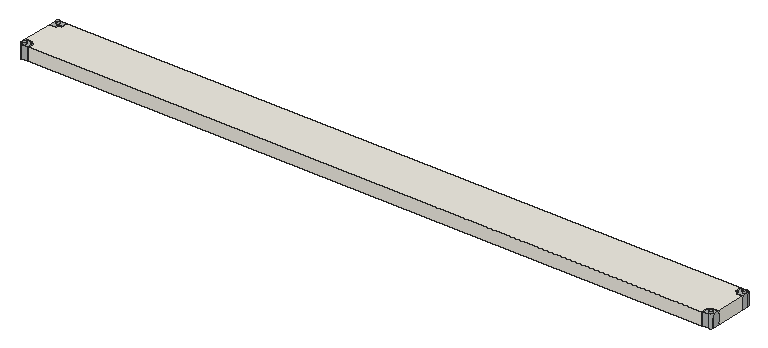
Revit family "HIGHTECH", category Осветительные приборы, Revit 2019 (continued)
Types (32, lengths in mm): name | Файл фотометрической сетки | built-in parameter 1150105 | Lumens | built-in parameter 1150106 | built-in parameter 1150142 | Wattage | Emit from Rectangle Width | Emit from Rectangle Length | Длина | Ширина | ADSK_Ток | ADSK_Полная мощность | ADSK_Обозначение | ADSK_Номинальная мощность | ADSK_Наименование | ADSK_Масса | ADSK_Код изделия
    .059 2.059 1.960 1.862 \r\n1.764 1.667 1.569 1.470 1.470 1.372 1.274 1.177 1.078 0.980 0.882 0.882 0.784 0.687 0.588 0.490 0.392 0.294 0.294 0.196 0.098 0.000 \r\n2755.907 2756.102 2750.516 2742.478 2726.793 2707.875 2684.742 2656.022 2623.674 2585.641 2542.609 2496.833 2448.116 2395.575 2338.624 2279.027 2217.664 2151.205 \r\n2083.275 2012.993 1940.750 1866.351 1789.893 1711.966 1632.273 1550.915 1468.575 1385.060 1298.604 1210.776 1124.908 1038.158 951.211 864.462 777.614 691.942 606.957 523.637 \r\n442.670 364.546 290.147 219.963 152.818 92.435 38.327 3.823 3.725 3.627 3.529 3.431 3.332 3.332 3.234 3.137 3.039 2.941 2.842 2.744 2.744 2.647 2.549 2.450 2.352 2.254 2.157 2.157 2.059 1.960 1.862 \r\n1.764 1.667 1.569 1.470 1.470 1.372 1.274 1.177 1.078 0.980 0.882 0.882 0.784 0.687 0.588 0.490 0.392 0.294 0.294 0.196 0.098 0.000 \r\n2755.907 2756.200 2750.614 2742.771 2727.088 2708.268 2685.330 2656.610 2624.360 2586.327 2543.295 2497.518 2448.899 2396.360 2339.506 2279.909 2218.644 2152.185 \r\n2084.255 2013.974 1941.731 1867.331 1790.873 1712.946 1633.253 1551.895 1469.457 1385.942 1299.486 1211.658 1125.692 1038.844 951.898 865.050 778.201 692.432 607.348 523.931 \r\n442.964 364.743 290.343 220.061 152.916 92.533 38.425 3.823 3.725 3.627 3.529 3.431 3.332 3.332 3.234 3.137 3.039 2.941 2.842 2.744 2.744 2.647 2.549 2.450 2.352 2.254 2.157 2.157 2.059 1.960 1.862 \r\n1.764 1.667 1.569 1.470 1.470 1.372 1.274 1.177 1.078 0.980 0.882 0.882 0.784 0.687 0.588 0.490 0.392 0.294 0.294 0.196 0.098 0.000 \r\n2755.907 2756.299 2750.711 2742.968 2727.382 2708.660 2685.821 2657.100 2624.948 2587.013 2543.982 2498.303 2449.684 2397.242 2340.388 2280.791 2219.624 2153.166 \r\n2085.235 2014.954 1942.711 1868.312 1791.854 1713.926 1634.135 1552.777 1470.437 1386.726 1300.368 1212.442 1126.378 1039.530 952.486 865.638 778.692 692.922 607.740 524.225 \r\n443.259 364.938 290.441 220.159 153.013 92.533 38.425 3.823 3.725 3.627 3.529 3.431 3.332 3.332 3.234 3.137 3.039 2.941 2.842 2.744 2.744 2.647 2.549 2.450 2.352 2.254 2.157 2.157 2.059 1.960 1.862 \r\n1.764 1.667 1.569 1.569 1.470 1.372 1.274 1.177 1.078 0.980 0.882 0.882 0.784 0.687 0.588 0.490 0.392 0.294 0.294 0.196 0.098 0.000 \r\n2755.907 2756.397 2750.907 2743.261 2727.676 2709.052 2686.311 2657.687 2625.635 2587.700 2544.668 2498.989 2450.468 2398.124 2341.271 2281.673 2220.605 2154.047 \r\n2086.215 2015.836 1943.691 1869.292 1792.834 1714.906 1635.115 1553.757 1471.320 1387.608 1301.348 1213.227 1127.163 1040.314 953.173 866.226 779.182 693.314 608.132 524.519 \r\n443.552 365.134 290.637 220.257 153.013 92.632 38.523 3.823 3.725 3.627 3.529 3.431 3.332 3.332 3.234 3.137 3.039 2.941 2.842 2.744 2.744 2.647 2.549 2.450 2.352 2.254 2.157 2.157 2.059 1.960 1.862 \r\n1.764 1.667 1.569 1.569 1.470 1.372 1.274 1.177 1.078 0.980 0.882 0.882 0.784 0.687 0.588 0.490 0.392 0.294 0.294 0.196 0.098 0.000 \r\n2755.907 2756.495 2751.006 2743.556 2727.970 2709.443 2686.899 2658.276 2626.320 2588.484 2545.255 2499.773 2451.252 2399.006 2342.153 2282.556 2221.585 2155.028 \r\n2087.196 2016.816 1944.769 1870.370 1793.814 1715.886 1636.095 1554.639 1472.202 1388.490 1302.231 1214.109 1127.946 1041.000 953.858 866.814 779.672 693.804 608.524 524.912 \r\n443.749 365.330 290.833 220.355 153.111 92.632 38.523 3.823 3.725 3.627 3.529 3.431 3.431 3.332 3.234 3.137 3.039 2.941 2.842 2.744 2.744 2.647 2.549 2.450 2.352 2.254 2.157 2.157 2.059 1.960 1.862 \r\n1.764 1.667 1.569 1.569 1.470 1.372 1.274 1.177 1.078 0.980 0.882 0.882 0.784 0.687 0.588 0.490 0.392 0.294 0.294 0.196 0.098 0.000 \r\n2755.907 2756.592 2751.104 2743.850 2728.264 2709.934 2687.389 2658.864 2627.007 2589.170 2545.942 2500.459 2452.036 2399.790 2343.035 2283.438 2222.565 2156.008 \r\n2088.079 2017.796 1945.750 1871.350 1794.794 1716.867 1637.076 1555.619 1473.182 1389.372 1303.113 1214.892 1128.633 1041.687 954.446 867.402 780.260 694.294 608.917 525.205 \r\n444.042 365.625 291.029 220.453 153.209 92.730 38.621 3.823 3.725 3.627 3.529 3.431 3.431 3.332 3.234 3.137 3.039 2.941 2.842 2.744 2.744 2.647 2.549 2.450 2.352 2.254 2.157 2.157 2.059 1.960 1.862 \r\n1.764 1.667 1.569 1.569 1.470 1.372 1.274 1.177 1.078 0.980 0.882 0.882 0.784 0.687 0.588 0.490 0.392 0.294 0.294 0.196 0.098 0.000 \r\n2755.907 2756.789 2751.201 2744.046 2728.558 2710.326 2687.879 2659.354 2627.693 2589.856 2546.629 2501.244 2452.820 2400.672 2343.917 2284.320 2223.545 2156.890 \r\n2089.059 2018.776 1946.730 1872.330 1795.774 1717.847 1638.056 1556.501 1474.064 1390.255 1304.093 1215.677 1129.417 1042.373 955.133 867.991 780.750 694.686 609.309 525.499 \r\n444.337 365.820 291.128 220.551 153.308 92.730 38.719 3.823 3.725 3.627 3.529 3.431 3.431 3.332 3.234 3.137 3.039 2.941 2.842 2.842 2.744 2.647 2.549 2.450 2.352 2.254 2.157 2.157 2.059 1.960 1.862 \r\n1.764 1.667 1.569 1.569 1.470 1.372 1.274 1.177 1.078 0.980 0.980 0.882 0.784 0.687 0.588 0.490 0.392 0.294 0.294 0.196 0.098 0.000 \r\n2755.907 2756.887 2751.398 2744.340 2728.852 2710.718 2688.466 2659.943 2628.281 2590.542 2547.314 2501.930 2453.605 2401.554 2344.799 2285.201 2224.525 2157.870 \r\n2090.039 2019.756 1947.710 1873.310 1796.853 1718.827 1638.939 1557.481 1474.946 1391.137 1304.975 1216.559 1130.201 1043.157 955.720 868.481 781.240 695.176 609.701 525.794 \r\n444.631 366.016 291.323 220.649 153.406 92.827 38.719 3.823 3.725 3.627 3.529 3.431 3.431 3.332 3.234 3.137 3.039 2.941 2.842 2.842 2.744 2.647 2.549 2.450 2.352 2.254 2.157 2.157 2.059 1.960 1.862 \r\n1.764 1.667 1.569 1.569 1.470 1.372 1.274 1.177 1.078 0.980 0.980 0.882 0.784 0.687 0.588 0.490 0.392 0.294 0.294 0.196 0.098 0.000 \r\n2755.907 2756.985 2751.496 2744.634 2729.244 2711.110 2688.957 2660.531 2628.967 2591.228 2548.001 2502.616 2454.389 2402.339 2345.682 2286.084 2225.506 2158.850 \r\n2091.019 2020.737 1948.690 1874.290 1797.833 1719.807 1639.919 1558.364 1475.926 1392.019 1305.955 1217.343 1130.887 1043.843 956.407 869.069 781.730 695.568 610.093 526.185 \r\n444.827 366.213 291.519 220.747 153.406 92.925 38.817 3.823 3.725 3.627 3.529 3.431 3.431 3.332 3.234 3.137 3.039 2.941 2.842 2.842 2.744 2.647 2.549 2.450 2.352 2.254 2.254 2.157 2.059 1.960 1.862 \r\n1.764 1.667 1.569 1.569 1.470 1.372 1.274 1.177 1.078 0.980 0.980 0.882 0.784 0.687 0.588 0.490 0.392 0.294 0.294 0.196 0.098 0.000 \r\n2755.907 2757.083 2751.594 2744.830 2729.539 2711.502 2689.545 2661.021 2629.654 2591.915 2548.687 2503.401 2455.271 2403.221 2346.564 2286.966 2226.486 2159.733 \r\n2091.999 2021.619 1949.769 1875.369 1798.813 1720.787 1640.899 1559.344 1476.809 1392.804 1306.837 1218.128 1131.672 1044.529 957.093 869.656 782.319 696.058 610.485 526.479 \r\n445.121 366.408 291.618 220.845 153.503 92.925 38.915 3.823 3.725 3.627 3.529 3.529 3.431 3.332 3.234 3.137 3.039 2.941 2.842 2.842 2.744 2.647 2.549 2.450 2.352 2.254 2.254 2.157 2.059 1.960 1.862 \r\n1.764 1.667 1.569 1.569 1.470 1.372 1.274 1.177 1.078 0.980 0.980 0.882 0.784 0.687 0.588 0.490 0.392 0.294 0.294 0.196 0.098 0.000 \r\n2755.907 2757.180 2751.691 2745.124 2729.832 2711.992 2690.035 2661.608 2630.339 2592.601 2549.373 2504.086 2456.055 2404.103 2347.348 2287.848 2227.466 2160.713 \r\n2092.980 2022.599 1950.749 1876.349 1799.793 1721.768 1641.879 1560.226 1477.691 1393.686 1307.720 1219.010 1132.456 1045.215 957.681 870.245 782.809 696.548 610.877 526.774 \r\n445.414 366.605 291.813 220.943 153.601 93.024 38.915 3.823 3.725 3.627 3.529 3.529 3.431 3.332 3.234 3.137 3.039 2.941 2.842 2.842 2.744 2.647 2.549 2.450 2.352 2.254 2.254 2.157 2.059 1.960 1.862 \r\n1.764 1.667 1.569 1.569 1.470 1.372 1.274 1.177 1.078 0.980 0.980 0.882 0.784 0.687 0.588 0.490 0.392 0.294 0.294 0.196 0.098 0.000 \r\n2755.907 2757.279 2751.789 2745.418 2730.127 2712.384 2690.525 2662.197 2631.026 2593.287 2550.059 2504.871 2456.839 2404.985 2348.231 2288.730 2228.446 2161.694 \r\n2093.960 2023.579 1951.729 1877.329 1800.774 1722.846 1642.860 1561.207 1478.672 1394.568 1308.701 1219.793 1133.142 1046.000 958.367 870.833 783.299 696.941 611.269 527.067 \r\n445.709 366.800 292.010 221.041 153.700 93.024 39.013 3.823 3.725 3.627 3.529 3.529 3.431 3.332 3.234 3.137 3.039 2.941 2.941 2.842 2.744 2.647 2.549 2.450 2.352 2.254 2.254 2.157 2.059 1.960 1.862 \r\n1.764 1.667 1.569 1.569 1.470 1.372 1.274 1.177 1.078 0.980 0.980 0.882 0.784 0.687 0.588 0.490 0.392 0.294 0.294 0.196 0.098 0.000 \r\n2755.907 2757.475 2751.986 2745.615 2730.420 2712.777 2691.113 2662.785 2631.614 2593.973 2550.648 2505.556 2457.624 2405.770 2349.113 2289.612 2229.426 2162.576 \r\n2094.842 2024.559 1952.709 1878.309 1801.754 1723.826 1643.742 1562.089 1479.554 1395.450 1309.583 1220.578 1133.926 1046.685 958.956 871.421 783.789 697.431 611.661 527.459 \r\n445.905 366.997 292.108 221.237 153.798 93.122 39.013 3.823 3.725 3.627 3.529 3.529 3.431 3.332 3.234 3.137 3.039 2.941 2.941 2.842 2.744 2.647 2.549 2.450 2.352 2.254 2.254 2.157 2.059 1.960 1.862 \r\n1.764 1.667 1.667 1.569 1.470 1.372 1.274 1.177 1.078 0.980 0.980 0.882 0.784 0.687 0.588 0.490 0.392 0.294 0.294 0.196 0.098 0.000 \r\n2755.907 2757.573 2752.084 2745.908 2730.715 2713.169 2691.603 2663.275 2632.300 2594.659 2551.333 2506.341 2458.408 2406.652 2349.995 2290.495 2230.407 2163.556 \r\n2095.822 2025.539 1953.788 1879.388 1802.734 1724.806 1644.722 1563.069 1480.436 1396.332 1310.465 1221.460 1134.711 1047.372 959.642 872.010 784.279 697.921 612.053 527.754 \r\n446.199 367.193 292.303 221.335 153.798 93.122 39.111 3.823 3.725 3.627 3.627 3.529 3.431 3.332 3.234 3.137 3.039 2.941 2.941 2.842 2.744 2.647 2.549 2.450 2.352 2.254 2.254 2.157 2.059 1.960 1.862 \r\n1.764 1.667 1.667 1.569 1.470 1.372 1.274 1.177 1.078 0.980 0.980 0.882 0.784 0.687 0.588 0.490 0.392 0.294 0.294 0.196 0.098 0.000 \r\n2755.907 2757.671 2752.181 2746.202 2731.009 2713.561 2692.094 2663.863 2632.986 2595.346 2552.020 2507.027 2459.192 2407.534 2350.877 2291.377 2231.387 2164.536 \r\n2096.802 2026.520 1954.768 1880.368 1803.714 1725.787 1645.702 1563.951 1481.416 1397.215 1311.445 1222.245 1135.396 1048.058 960.229 872.500 784.867 698.313 612.446 528.048 \r\n446.493 367.487 292.500 221.433 153.896 93.220 39.209 3.823 3.725 3.627 3.627 3.529 3.431 3.332 3.234 3.137 3.039 2.941 2.941 2.842 2.744 2.647 2.549 2.450 2.352 2.254 2.254 2.157 2.059 1.960 1.862 \r\n1.764 1.667 1.667 1.569 1.470 1.372 1.274 1.177 1.078 0.980 0.980 0.882 0.784 0.687 0.588 0.490 0.392 0.294 0.294 0.196 0.098 0.000 \r\n2755.907 2757.769 2752.279 2746.497 2731.302 2713.953 2692.682 2664.452 2633.673 2596.031 2552.705 2507.713 2459.976 2408.417 2351.759 2292.259 2232.368 2165.418 \r\n2097.782 2027.403 1955.748 1881.348 1804.694 1726.767 1646.682 1564.931 1482.299 1398.097 1312.327 1223.029 1136.181 1048.842 960.916 873.088 785.357 698.803 612.838 528.342 \r\n446.788 367.683 292.598 221.532 153.993 93.220 39.209 3.823 3.725 3.627 3.627 3.529 3.431 3.332 3.234 3.137 3.039 2.941 2.941 2.842 2.744 2.647 2.549 2.450 2.352 2.352 2.254 2.157 2.059 1.960 1.862 \r\n1.764 1.667 1.667 1.569 1.470 1.372 1.274 1.177 1.078 0.980 0.980 0.882 0.784 0.687 0.588 0.490 0.392 0.294 0.294 0.196 0.098 0.000 \r\n2755.907 2757.867 2752.378 2746.692 2731.695 2714.443 2693.172 2665.040 2634.358 2596.718 2553.392 2508.497 2460.760 2409.200 2352.642 2293.141 2233.348 2166.398 \r\n2098.763 2028.383 1956.728 1882.328 1805.773 1727.747 1647.662 1565.814 1483.181 1398.881 1313.307 1223.911 1136.965 1049.529 961.603 873.675 785.848 699.195 613.230 528.734 \r\n446.983 367.879 292.793 221.629 154.091 93.317 39.307 3.823 3.725 3.627 3.627 3.529 3.431 3.332 3.234 3.137 3.039 2.941 2.941 2.842 2.744 2.647 2.549 2.450 2.352 2.352 2.254 2.157 2.059 1.960 1.862 \r\n1.764 1.667 1.667 1.569 1.470 1.372 1.274 1.177 1.078 0.980 0.980 0.882 0.784 0.687 0.588 0.490 0.392 0.294 0.294 0.196 0.098 0.000 \r\n2755.907 2757.965 2752.574 2746.987 2731.989 2714.835 2693.662 2665.530 2635.045 2597.404 2554.078 2509.184 2461.545 2410.082 2353.524 2294.024 2234.328 2167.378 \r\n2099.743 2029.363 1957.708 1883.309 1806.753 1728.727 1648.643 1566.794 1484.161 1399.764 1314.190 1224.695 1137.651 1050.214 962.190 874.264 786.338 699.685 613.621 529.028 \r\n447.278 368.075 292.990 221.727 154.190 93.415 39.405 3.823 3.725 3.627 3.627 3.529 3.431 3.332 3.234 3.137 3.039 3.039 2.941 2.842 2.744 2.647 2.549 2.450 2.352 2.352 2.254 2.157 2.059 1.960 1.862 \r\n1.764 1.667 1.667 1.569 1.470 1.372 1.274 1.177 1.078 0.980 0.980 0.882 0.784 0.687 0.588 0.490 0.392 0.294 0.294 0.196 0.098 0.000 \r\n2755.907 2758.161 2752.671 2747.280 2732.283 2715.227 2694.250 2666.117 2635.633 2598.090 2554.764 2509.967 2462.329 2410.964 2354.406 2294.906 2235.309 2168.359 \r\n2100.625 2030.343 1958.787 1884.387 1807.733 1729.707 1649.525 1567.676 1485.043 1400.646 1315.072 1225.479 1138.435 1050.901 962.876 874.852 786.926 700.176 614.013 529.323 \r\n447.571 368.272 293.088 221.825 154.190 93.415 39.405 3.823 3.725 3.725 3.627 3.529 3.431 3.332 3.234 3.137 3.039 3.039 2.941 2.842 2.744 2.647 2.549 2.450 2.352 2.352 2.254 2.157 2.059 1.960 1.862 \r\n1.764 1.667 1.667 1.569 1.470 1.372 1.274 1.177 1.078 0.980 0.980 0.882 0.784 0.687 0.588 0.490 0.392 0.294 0.294 0.196 0.098 0.000 \r\n2755.907 2758.259 2752.770 2747.477 2732.577 2715.619 2694.741 2666.706 2636.319 2598.776 2555.352 2510.654 2463.113 2411.749 2355.190 2295.788 2236.289 2169.241 \r\n2101.605 2031.323 1959.767 1885.367 1808.713 1730.687 1650.505 1568.656 1485.925 1401.528 1316.052 1226.361 1139.219 1051.684 963.465 875.440 787.416 700.567 614.406 529.616 \r\n447.866 368.467 293.283 221.923 154.288 93.514 39.504 3.823 3.725 3.725 3.627 3.529 3.431 3.332 3.234 3.137 3.039 3.039 2.941 2.842 2.744 2.647 2.549 2.450 2.352 2.352 2.254 2.157 2.059 1.960 1.862 \r\n1.764 1.667 1.667 1.569 1.470 1.372 1.274 1.177 1.078 0.980 0.980 0.882 0.784 0.687 0.588 0.490 0.392 0.294 0.294 0.196 0.098 0.000 \r\n2755.907 2758.357 2752.868 2747.770 2732.871 2716.011 2695.329 2667.294 2637.005 2599.462 2556.039 2511.438 2463.897 2412.631 2356.072 2296.670 2237.269 2170.221 \r\n2102.585 2032.205 1960.747 1886.347 1809.694 1731.668 1651.485 1569.538 1486.905 1402.410 1316.934 1227.146 1139.905 1052.371 964.150 876.029 787.906 701.057 614.798 530.008 \r\n448.061 368.663 293.480 222.022 154.386 93.514 39.504 3.823 3.725 3.725 3.627 3.529 3.431 3.332 3.234 3.137 3.039 3.039 2.941 2.842 2.744 2.647 2.549 2.450 2.352 2.352 2.254 2.157 2.059 1.960 1.862 \r\n1.764 1.667 1.667 1.569 1.470 1.372 1.274 1.177 1.078 0.980 0.980 0.882 0.784 0.687 0.588 0.490 0.392 0.294 0.294 0.196 0.098 0.000 \r\n2755.907 2758.455 2753.064 2748.065 2733.166 2716.501 2695.819 2667.784 2637.692 2600.247 2556.724 2512.124 2464.681 2413.513 2356.954 2297.552 2238.249 2171.202 \r\n2103.565 2033.186 1961.727 1887.328 1810.674 1732.648 1652.465 1570.518 1487.788 1403.292 1317.816 1227.930 1140.689 1053.058 964.837 876.519 788.396 701.548 615.190 530.303 \r\n448.356 368.859 293.578 222.119 154.483 93.612 39.601 3.823 3.725 3.725 3.627 3.529 3.431 3.332 3.234 3.137 3.039 3.039 2.941 2.842 2.744 2.647 2.549 2.450 2.352 2.352 2.254 2.157 2.059 1.960 1.862 \r\n1.764 1.667 1.667 1.569 1.470 1.372 1.274 1.177 1.078 0.980 0.980 0.882 0.784 0.687 0.588 0.490 0.392 0.294 0.294 0.196 0.098 0.000 \r\n2755.907 2758.554 2753.161 2748.260 2733.459 2716.893 2696.309 2668.372 2638.377 2600.932 2557.411 2512.908 2465.466 2414.396 2357.836 2298.435 2239.229 2172.084 \r\n2104.547 2034.166 1962.708 1888.308 1811.654 1733.628 1653.446 1571.400 1488.670 1404.175 1318.796 1228.811 1141.474 1053.841 965.425 877.106 788.985 701.940 615.582 530.596 \r\n448.650 369.055 293.774 222.217 154.582 93.612 39.699 3.823 3.823 3.725 3.627 3.529 3.431 3.332 3.234 3.137 3.137 3.039 2.941 2.842 2.744 2.647 2.549 2.450 2.450 2.352 2.254 2.157 2.059 1.960 1.862 \r\n1.764 1.764 1.667 1.569 1.470 1.372 1.274 1.177 1.078 1.078 0.980 0.882 0.784 0.687 0.588 0.490 0.392 0.392 0.294 0.196 0.098 0.000 \r\n2755.907 2758.455 2753.064 2748.065 2733.166 2716.501 2695.819 2667.784 2637.692 2600.247 2556.724 2512.124 2464.681 2413.513 2356.954 2297.552 2238.249 2171.202 \r\n2103.565 2033.186 1961.727 1887.328 1810.674 1732.648 1652.465 1570.518 1487.788 1403.292 1317.816 1227.930 1140.689 1053.058 964.837 876.519 788.396 701.548 615.190 530.303 \r
